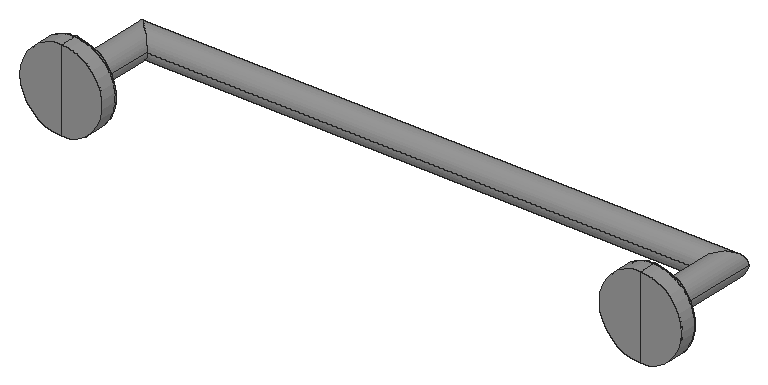
Revit family "Towel rail 40 cm- Trendly Hotels- Gala - 53068", category Plumbing Fixtures, host Wall, Revit 2020
Family settings
  Host = Wall
  Round Connector Dimension = Use Diameter
  Part Type = Normal
  OmniClass Number = 23.45.05.00
  OmniClass Title = Sanitary Equipment
  Always vertical = Yes
  Cut with Voids When Loaded = No
  Shared = No
  Room Calculation Point = No
Parameters (values of type "5306800 Chrome")
  Youtube clip = ""
  Weight Net (Kg) = 0
  Uniclass 2.0 Description = ""
  Uniclass 2.0 Code = ""
  Uniclass 1.4 Description = "Bathroom, toilet furniture and fittings"
  Uniclass 1.4 Code = "L824"
  URL = "http://www.gala.es/accesorios/trendly-hotels/toallero-40-cm-53068_0"
  UNSPSC Code = ""
  Technical description = "http://www.gala.es/site/files/datos/ACCESORIOS/TRENDLY-HOTELS/53068/TECNICOS/T53068.pdf"
  Region South America = "All"
  Region Oceania = "All"
  Region North America = "All"
  Region Middle East = "All"
  Region Europe = "All"
  Region Asia = "All"
  Region Antarctica = "All"
  Region Africa = "All"
  QR code = "http://bimobject.com/gala/product/53068"
  Product group = "Bathroom accesories"
  Product family = "Trendly hotels"
  Product data url = "http://bimobject.com/gala/product/53068"
  Product certification = ""
  Product SKU = "5306800"
  Product Guid = "a5fc2f7b-daec-4c4f-aff6-06645efc699d"
  Primary Material = Chrome- Trendly Hotels- Gala
  Nominal width = 400
  Nominal height = 0
  NBS Reference Description = ""
  NBS Reference Code = ""
  Model = "53068"
  Material secondary = ""
  Material main = ""
  Manufacturer name = "GALA"
  Manufacturer country = "Spain"
  Manufacturer URL = "http://www.gala.es/"
  Installation instructions = ""
  IFC Classification = "Object"
  Edition number = 1
  EAN code = ""
  Design country = "Spain"
  Description = "Towel rail 40 cm"
  Default Elevation = 0 mm
  Date of publishing = "2015-05-01"
  COBIe Type Category = ""
  BIMobject category = "Bathroom Accessories"
Reference planes
  plane 1 "Wall": y = 0
  plane 2 "Center (Left/Right)": x = 125
  plane 3 "Back": y = 75
  plane 4: z = 1200
Text (mm)
  text "Placement Side" at (-1848.837, 1116.779, 0), in view "Ref. Level"
  text "Placement side" at (0, 1409.804, 2854.306), in view "Left"
  text "Placement side" at (0, 499.811, 2980.732), in view "Right"
Dimensions and locks
  locked: plane 3 "Back" to host wall
  aligned and locked: plane 1 "Wall" to host wall
  aligned and locked: nested 1 to plane 3 "Back"
  aligned and locked: nested 1 to plane 2 "Center (Left/Right)"
  aligned and locked: plane 4 to nested 1
Nested families
  nested 1: "53068" at (125, 75, 1149.877) x (-1, 0, 0) z (0, 0, 1), type "53068"
Definition of nested family "53068"
  Parameters
    Primary Material = none
    Default Elevation = 0 mm
  Reference planes
    plane 1 "Center (Front/Back)": y = 0
    plane 2: z = 0
    plane 3 "Center (Left/Right)": x = 0
    plane 4: x = -175
    plane 5: x = 175
    plane 6: z = 50.123
  Forms (mm)
    Revolve 1, solid, material <- "Primary Material", detail levels medium+fine
      sketch origin (-175, 0, 1200) x (0, 1, 0) y (0, 0, 1)
        loop
          line (0, -1175) -> (0, -1150.161) -> (-9.822, -1150.161)
          arc (-9.822, -1150.161) -> (-10.736, -1150.515) -> (-11.172, -1151.394) r 1.356
          arc (-11.172, -1151.394) -> (-11.915, -1163.185) -> (-11.998, -1175) r 211.174
          line (-11.998, -1175) -> (0, -1175)
        axis (0, -1175) -> (-11.998, -1175)
      angle from 0 to 360
    Revolve 2, solid, material <- "Primary Material", detail levels medium+fine
      sketch origin (175, 0, 1200) x (0, 1, 0) y (0, 0, 1)
        loop
          line (0, -1175) -> (0, -1150.161) -> (-9.822, -1150.161)
          arc (-9.822, -1150.161) -> (-10.736, -1150.515) -> (-11.172, -1151.394) r 1.356
          arc (-11.172, -1151.394) -> (-11.915, -1163.185) -> (-11.998, -1175) r 211.174
          line (-11.998, -1175) -> (0, -1175)
        axis (0, -1175) -> (-11.998, -1175)
      angle from 0 to 360
    Sweep 3, solid, material <- "Primary Material", detail levels medium+fine
      path origin (0, 0, 0) x (1, 0, 0) y (0, 1, 0)
        loop
          line (-175, -10.175) -> (-175, -62.194) -> (175, -62.194) -> (175, -10.175)
      profile origin (-175, -36.185, 0) x (1, 0, 0) y (0, 0, 1)
        loop
          circle (0, 24.934) r 8.551
    Extrusion 4, solid, material <- "Primary Material", detail levels coarse
      sketch origin (0, 0, 0) x (1, 0, 0) y (0, 1, 0)
        loop
          line (-199.839, 0) -> (-199.839, -71.074) -> (199.839, -71.074) -> (199.839, 0) -> (-199.839, 0)
      from 0 to 50.123
  Cuts and joins
    joined: Revolve 1, Revolve 2, Sweep 3
  Lines and regions (mm)
    Masking region 1, detail levels coarse
      outline origin (0, 0, 0) x (1, 0, 0) y (0, 0, 1)
        loop
          line (-199.839, 50.123) -> (-199.839, 0) -> (199.839, 0) -> (199.839, 50.123) -> (-199.839, 50.123)
    Masking region 2, detail levels medium+fine
      outline origin (0, 0, 0) x (1, 0, 0) y (0, 0, 1)
        loop
          arc (-151.75, 33.741) -> (-199.839, 25) -> (-151.75, 16.259) r 24.839
          line (-151.75, 16.259) -> (151.75, 16.259)
          arc (151.75, 16.259) -> (199.839, 25) -> (151.75, 33.741) r 24.839
          line (151.75, 33.741) -> (-151.75, 33.741)
    Masking region 3, detail levels coarse
      outline origin (0, 0, 0) x (0, 1, 0) y (0, 0, 1)
        loop
          line (0, 50.123) -> (-71.074, 50.123) -> (-71.074, 0) -> (0, 0) -> (0, 50.123)
    Masking region 4, detail levels medium+fine
      outline origin (0, 0, 0) x (0, 1, 0) y (0, 0, 1)
        loop
          line (0, 49.839) -> (-9.851, 49.839)
          arc (-9.851, 49.839) -> (-10.717, 49.5) -> (-11.122, 48.663) r 1.275
          arc (-11.122, 48.663) -> (-11.617, 41.079) -> (-11.924, 33.485) r 306.594
          line (-11.924, 33.485) -> (-62.194, 33.485)
          arc (-62.194, 33.485) -> (-70.746, 24.934) -> (-62.194, 16.382) r 8.551
          line (-62.194, 16.382) -> (-11.925, 16.382)
          arc (-11.925, 16.382) -> (-11.626, 8.917) -> (-11.146, 1.461) r 306.594
          arc (-11.146, 1.461) -> (-10.699, 0.536) -> (-9.742, 0.161) r 1.408
          line (-9.742, 0.161) -> (0, 0.161) -> (0, 49.839)
    Masking region 5, detail levels coarse
      outline origin (0, 0, 0) x (1, 0, 0) y (0, 1, 0)
        loop
          line (-199.839, 0) -> (-199.839, -71.074) -> (199.839, -71.074) -> (199.839, 0) -> (-199.839, 0)
    Masking region 6, detail levels medium+fine
      outline origin (0, 0, 0) x (1, 0, 0) y (0, 1, 0)
        loop
          line (-150.161, 0) -> (-199.839, 0) -> (-199.839, -9.674)
          arc (-199.839, -9.674) -> (-199.39, -10.757) -> (-198.307, -11.206) r 1.532
          arc (-198.307, -11.206) -> (-191.009, -11.637) -> (-183.703, -11.909) r 336.351
          line (-183.703, -11.909) -> (-183.703, -70.746) -> (183.551, -70.746) -> (183.551, -12.004)
          arc (183.551, -12.004) -> (191.047, -11.719) -> (198.531, -11.219) r 263.005
          arc (198.531, -11.219) -> (199.456, -10.836) -> (199.839, -9.911) r 1.308
          line (199.839, -9.911) -> (199.839, 0) -> (150.161, 0) -> (150.161, -9.911)
          arc (150.161, -9.911) -> (150.544, -10.836) -> (151.469, -11.219) r 1.308
          arc (151.469, -11.219) -> (158.953, -11.719) -> (166.449, -12.004) r 263.005
          line (166.449, -12.004) -> (166.449, -53.643) -> (-166.449, -53.643) -> (-166.449, -11.921)
          arc (-166.449, -11.921) -> (-158.904, -11.648) -> (-151.367, -11.206) r 336.351
          arc (-151.367, -11.206) -> (-150.514, -10.853) -> (-150.161, -10) r 1.206
          line (-150.161, -10) -> (-150.161, 0)
    symbolic lines, detail levels medium+fine
      curve 1: arc (-175, 0, 33.485) -> (-183.551, 0, 24.934) -> (-175, 0, 16.382) r 8.551
      curve 2: arc (175, 0, 16.382) -> (183.551, 0, 24.934) -> (175, 0, 33.485) r 8.551
      curve 3: line (151.75, 0, 33.741) -> (175, 0, 33.485)
      curve 4: line (151.75, 0, 16.259) -> (175, 0, 16.382)
      curve 5: line (-175, 0, 33.485) -> (-151.75, 0, 33.741)
      curve 6: line (-175, 0, 16.382) -> (-151.75, 0, 16.259)
      curve 7: arc (0, -11.925, 16.382) -> (0, -12.008, 24.934) -> (0, -12.006, 33.485) r 851.13
      curve 8: line (166.449, -12.004, 0) -> (183.551, -12.004, 0)
      curve 9: line (-183.703, -11.909, 0) -> (-166.449, -11.921, 0)
      curve 10: line (-166.449, -53.643, 0) -> (-183.703, -70.746, 0)
      curve 11: line (166.449, -53.643, 0) -> (183.551, -70.746, 0)
  Dimensions and locks
    aligned and locked: level to plane 2
    aligned and locked: plane 6 to Extrusion 4
